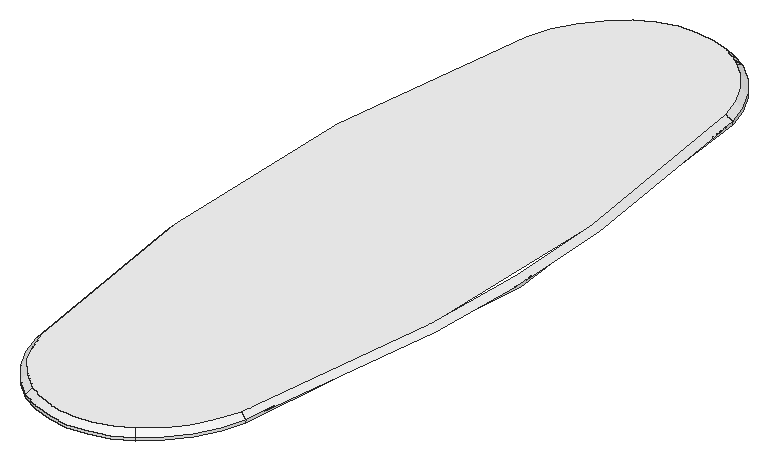
Revit family "KingswayGroup_PshPlts_Anti-LigaturePushPlate", category Specialty Equipment, Revit 2020
Family settings
  Round Connector Dimension = Use Diameter
  Part Type = Normal
  Work Plane-Based = No
  Always vertical = Yes
  Cut with Voids When Loaded = No
  Shared = No
  Room Calculation Point = No
Parameters
  WarrantyStartDate [instance] = "1900-12-31T23:59:59"
  WarrantyGuarantorParts = "sales@kingswaygroup.co.uk"
  WarrantyGuarantorLabor = "n/a"
  WarrantyDurationUnit = "year"
  WarrantyDurationParts = "5"
  WarrantyDurationLabor = "n/a"
  WarrantyDescription = "5-Year Guarantee *For faulty manufacture and not for damage"
  Version = "1"
  Uniclass2015Version = "Products v1.36"
  Uniclass2015Title = "Push plates"
  Uniclass2015Code = "Pr_30_36_33_68"
  URL = "https://kingswaygroupglobal.com/"
  TagNumber [instance] = "n/a"
  SustainabilityPerformance = "n/a"
  Size = "100 x 290 x 3 mm"
  Shape = "n/a"
  SerialNumber [instance] = "n/a"
  Revision = "n/a"
  ReplacementCost = "n/a"
  ProductInformation = "https://kingswaygroupglobal.com/product/anti-ligature-push-plate?noredirect=true"
  NominalWidth = 3 mm  # constant formula
  NominalLength = 100 mm  # constant formula
  NominalHeight = 290 mm  # constant formula
  Name = "PushPlates_Anti-LigaturePushPlate_KG100_KingswayGroup"
  ModelReference = "Anti-Ligature Push Plate"
  ModelNumber = "KG100"
  PlateMaterial = NBS_Concept
  Model = ModelNumber  # "KG100"
  Material = "Stainless Steel"
  ManufacturerURL = "https://kingswaygroupglobal.com/"
  ManufacturerName = "Kingsway Group"  # constant formula
  Manufacturer = ManufacturerName  # "Kingsway Group"
  InstallationDate [instance] = "1900-12-31T23:59:59"
  IfcExportType = "USERDEFINED"  # constant formula
  IfcExportAs = "IfcDiscreteAccessoryType"  # constant formula
  Grade = "n/a"
  Finish = "For full range of available finishes and colours, contact Kingsway Group"
  Features = "Manufactured from 3mm solid stainless-steel, the KG100 is a highly-durable, anti-ligature push plate that protects doors from wear"
  ExpectedLife = "n/a"
  DurationUnit = "year"
  Description = "Radiused End Push Plate"
  Default Elevation = 0 mm
  Constituents = "n/a"
  Color = "For full range of available finishes and colours, contact Kingsway Group"
  CodePerformance = "n/a"
  Category = "Pr_30_36_33_68:Push plates"
  BarCode [instance] = "n/a"
  BIMObjectName = "KingswayGroup_PushPlates_Anti-LigaturePushPlate"
  Author = "Kingsway Group"  # constant formula
  AssetType = "Fixed"
  AssetIdentifier [instance] = "n/a"
  AccessibilityPerformance = "n/a"
Reference planes
  plane 1 "Center (Front/Back)": y = 0
  plane 2: z = 0
  plane 3 "Center (Left/Right)": x = 0
  plane 4: z = 1
  plane 5: z = 3
Forms (mm)
  Extrusion 1, solid, material "NBS_Concept" <- "PlateMaterial"
    sketch origin (0, 0, 0) x (1, 0, 0) y (0, 1, 0)
      loop
        arc (38.317, 111.209) -> (31.755, 126.711) -> (19.97, 138.73) r 45.133
        arc (19.97, 138.73) -> (-0.035, 145.04) -> (-20.04, 138.73) r 34.866
        arc (-20.04, 138.73) -> (-31.799, 126.71) -> (-38.316, 111.209) r 44.933
        arc (-38.316, 111.209) -> (-49.986, 0.035) -> (-38.316, -111.139) r 535.399
        arc (-38.316, -111.139) -> (-31.789, -126.664) -> (-20.04, -138.73) r 45.288
        arc (-20.04, -138.73) -> (-0.035, -144.967) -> (19.97, -138.73) r 35.203
        arc (19.97, -138.73) -> (31.771, -126.682) -> (38.317, -111.139) r 45.07
        arc (38.317, -111.139) -> (49.986, 0.035) -> (38.317, 111.209) r 535.399
    from 0 to 1
  Blend 2, solid, material "NBS_Concept" <- "PlateMaterial"
    base sketch origin (0, 0, 0) x (1, 0, 0) y (0, 1, 0)
      loop
        arc (-20.04, 138.73) -> (-31.799, 126.71) -> (-38.316, 111.209) r 44.933
        arc (-38.316, 111.209) -> (-49.986, 0.035) -> (-38.316, -111.139) r 535.399
        arc (-38.316, -111.139) -> (-31.789, -126.664) -> (-20.04, -138.73) r 45.288
        arc (-20.04, -138.73) -> (-0.035, -144.967) -> (19.97, -138.73) r 35.203
        arc (19.97, -138.73) -> (31.771, -126.682) -> (38.317, -111.139) r 45.07
        arc (38.317, -111.139) -> (49.986, 0.035) -> (38.317, 111.209) r 535.399
        arc (38.317, 111.209) -> (31.755, 126.711) -> (19.97, 138.73) r 45.133
        arc (19.97, 138.73) -> (-0.035, 145.04) -> (-20.04, 138.73) r 34.866
    top sketch origin (0, 0, 0) x (1, 0, 0) y (0, 1, 0)
      loop
        arc (18.841, 137.107) -> (0, 143.061) -> (-18.841, 137.107) r 32.786
        arc (-18.841, 137.107) -> (-30.101, 125.611) -> (-36.342, 110.779) r 42.969
        arc (-36.342, 110.779) -> (-48.01, 0.032) -> (-36.341, -110.716) r 531.368
        arc (-36.341, -110.716) -> (-30.116, -125.586) -> (-18.841, -137.107) r 42.883
        arc (-18.841, -137.107) -> (0, -142.991) -> (18.841, -137.107) r 33.106
        arc (18.841, -137.107) -> (30.116, -125.586) -> (36.341, -110.716) r 42.883
        arc (36.341, -110.716) -> (48.011, 0.035) -> (36.341, 110.786) r 531.368
        arc (36.341, 110.786) -> (30.073, 125.597) -> (18.841, 137.107) r 43.389
    from 1 to 3
Cuts and joins
  joined: Extrusion 1, Blend 2
Dimensions and locks
  aligned and locked: level to plane 2
  aligned and locked: plane 4 to Extrusion 1
  aligned and locked: Extrusion 1 to level
  aligned and locked: Blend 2 to plane 4
  aligned and locked: plane 5 to Blend 2
